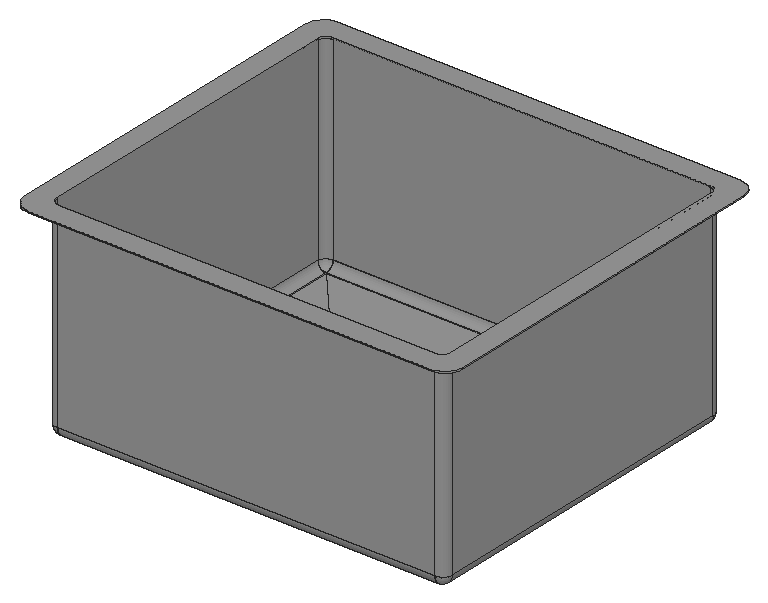
Revit family "BUILDMAT-SNGM003-Penny-510-Gunmetal", category Plumbing Fixtures, host Face, Revit 2020
Family settings
  Host = Face
  Round Connector Dimension = Use Diameter
  Part Type = Normal
  Cut with Voids When Loaded = No
  Shared = No
  Room Calculation Point = No
Parameters (values of type "Penny 510x450x250mm")
  Width = 460.0 mm
  Undermount [instance] = 0.0 mm
  URL = "https://www.buildmat.com.au/products/510x450x250-single-bowl-sink"
  Side Sound Pad = no
  Side Brackets = yes
  Model = "SN101003"  # constant formula
  Middle Sound Pad = yes
  Middle Bracket = no
  Manufacturer URL = "https://www.buildmat.com.au/"
  Manufacturer = "BUILDMAT"  # constant formula
  Length = 400.0 mm
  Description = "BUILDMAT - Penny 510x450 Single Bowl Sink"  # constant formula
  Depth = 250.0 mm
  Default Elevation = 1219.2 mm
  Created By URL = "https://www.buildmat.com.au/"
  Created By = "BUILDMAT"  # constant formula
  Created = "22.06.2022"  # constant formula
  Material = BUILDMAT Gunmetal
Reference planes
  plane 1 "Center (Front/Back)": y = 0
  plane 2: z = 0
  plane 3 "Center (Left/Right)": x = 0
  plane 4 "Top Substrate": z = 0
  plane 5 "Left": x = -230
  plane 6 "Right": x = 230
  plane 7 "Back": y = 200
  plane 8 "Front": y = -200
  plane 9: x = -255
  plane 10: x = 255
  plane 11: y = -225
  plane 12: y = 225
  plane 13 "Bottom Void": z = -250
  plane 14: z = 1.5
  plane 15: x = -231.5
  plane 16: y = -201.5
  plane 17: x = 231.5
  plane 18: y = 201.5
  plane 19: z = -240
  plane 20: z = -230
  plane 21: x = -220
  plane 22: x = 220
  plane 23: y = -190
  plane 24: y = 190
  plane 25: z = -245
  plane 26: z = -241.5
  plane 27: z = -246.5
  plane 28: x = -100
  plane 29: x = 100
  plane 30 "Sound Pad": z = -130
  plane 31 "Front Bracket": y = -100
  plane 32 "Back Bracket": y = 100
  plane 33: x = -130
  plane 34: x = 130
  plane 35: x = -57
  plane 36: x = 57
  plane 37: x = -45
  plane 38: x = 45
Forms (mm)
  Extrusion 1, void
    sketch origin (0, 0, 0) x (1, 0, 0) y (0, 1, 0)
      loop
        arc (-220, 200) -> (-227.071, 197.071) -> (-230, 190) r 10
        line (-230, 190) -> (-230, -190)
        arc (-230, -190) -> (-227.071, -197.071) -> (-220, -200) r 10
        line (-220, -200) -> (220, -200)
        arc (220, -200) -> (227.071, -197.071) -> (230, -190) r 10
        line (230, -190) -> (230, 190)
        arc (230, 190) -> (227.071, 197.071) -> (220, 200) r 10
        line (220, 200) -> (-220, 200)
    from 0 to 1.5
  Extrusion 2, void
    sketch origin (0, 0, 0) x (1, 0, 0) y (0, 1, 0)
      loop
        line (-231.5, 201.5) -> (-231.5, -201.5) -> (231.5, -201.5) -> (231.5, 201.5) -> (-231.5, 201.5)
    from 0 to -250
  Extrusion 3, void
    sketch origin (0, 0, 0) x (1, 0, 0) y (0, 1, 0)
      loop
        arc (-235, 225) -> (-249.142, 219.142) -> (-255, 205) r 20
        line (-255, 205) -> (-255, -205)
        arc (-255, -205) -> (-249.142, -219.142) -> (-235, -225) r 20
        line (-235, -225) -> (235, -225)
        arc (235, -225) -> (249.142, -219.142) -> (255, -205) r 20
        line (255, -205) -> (255, 205)
        arc (255, 205) -> (249.142, 219.142) -> (235, 225) r 20
        line (235, 225) -> (-235, 225)
    from 1.5 to 0
  Extrusion 4, solid, material "BUILDMAT Gunmetal" <- "Material"
    sketch origin (0, 0, 0) x (-1, 0, 0) y (0, -1, 0)
      loop
        arc (235, -225) -> (249.142, -219.142) -> (255, -205) r 20
        line (255, -205) -> (255, 205)
        arc (255, 205) -> (249.142, 219.142) -> (235, 225) r 20
        line (235, 225) -> (-235, 225)
        arc (-235, 225) -> (-249.142, 219.142) -> (-255, 205) r 20
        line (-255, 205) -> (-255, -205)
        arc (-255, -205) -> (-249.142, -219.142) -> (-235, -225) r 20
        line (-235, -225) -> (235, -225)
      loop
        arc (220, -200) -> (227.071, -197.071) -> (230, -190) r 10
        line (230, -190) -> (230, 190)
        arc (230, 190) -> (227.071, 197.071) -> (220, 200) r 10
        line (220, 200) -> (-220, 200)
        arc (-220, 200) -> (-227.071, 197.071) -> (-230, 190) r 10
        line (-230, 190) -> (-230, -190)
        arc (-230, -190) -> (-227.071, -197.071) -> (-220, -200) r 10
        line (-220, -200) -> (220, -200)
    from 0 to 1.5
  Extrusion 5, solid, material "BUILDMAT Gunmetal" <- "Material"
    sketch origin (0, 0, 0) x (-1, 0, 0) y (0, -1, 0)
      loop
        arc (220, -201.5) -> (228.132, -198.132) -> (231.5, -190) r 11.5
        line (231.5, -190) -> (231.5, 190)
        arc (231.5, 190) -> (228.132, 198.132) -> (220, 201.5) r 11.5
        line (220, 201.5) -> (-220, 201.5)
        arc (-220, 201.5) -> (-228.132, 198.132) -> (-231.5, 190) r 11.5
        line (-231.5, 190) -> (-231.5, -190)
        arc (-231.5, -190) -> (-228.132, -198.132) -> (-220, -201.5) r 11.5
        line (-220, -201.5) -> (220, -201.5)
      loop
        arc (-220, 200) -> (-227.071, 197.071) -> (-230, 190) r 10
        line (-230, 190) -> (-230, -190)
        arc (-230, -190) -> (-227.071, -197.071) -> (-220, -200) r 10
        line (-220, -200) -> (220, -200)
        arc (220, -200) -> (227.071, -197.071) -> (230, -190) r 10
        line (230, -190) -> (230, 190)
        arc (230, 190) -> (227.071, 197.071) -> (220, 200) r 10
        line (220, 200) -> (-220, 200)
    from 0 to -230
  Revolve 6, solid, material "BUILDMAT Gunmetal" <- "Material"
    sketch origin (-175.162, 190, 1219.2) x (-1, 0, 0) y (0, 0, 1)
      loop
        line (-405.162, -1449.2) -> (-406.662, -1449.2)
        arc (-406.662, -1449.2) -> (-403.293, -1457.332) -> (-395.162, -1460.7) r 11.5
        line (-395.162, -1460.7) -> (-395.162, -1459.2)
        arc (-395.162, -1459.2) -> (-402.233, -1456.271) -> (-405.162, -1449.2) r 10
      axis (-395.162, -1460.7) -> (-395.162, -1449.2)
    angle from 0 to -90
  Revolve 7, solid, material "BUILDMAT Gunmetal" <- "Material"
    sketch origin (-175.162, 190, 1219.2) x (-1, 0, 0) y (0, 0, 1)
      loop
        arc (54.838, -1449.2) -> (51.909, -1456.271) -> (44.838, -1459.2) r 10
        line (44.838, -1459.2) -> (44.838, -1460.7)
        arc (44.838, -1460.7) -> (52.97, -1457.332) -> (56.338, -1449.2) r 11.5
        line (56.338, -1449.2) -> (54.838, -1449.2)
      axis (44.838, -1449.2) -> (44.838, -1460.7)
    angle from 0 to -90
  Revolve 8, solid, material "BUILDMAT Gunmetal" <- "Material"
    sketch origin (-175.162, -190, 1219.2) x (-1, 0, 0) y (0, 0, 1)
      loop
        arc (54.838, -1449.2) -> (51.909, -1456.271) -> (44.838, -1459.2) r 10
        line (44.838, -1459.2) -> (44.838, -1460.7)
        arc (44.838, -1460.7) -> (52.97, -1457.332) -> (56.338, -1449.2) r 11.5
        line (56.338, -1449.2) -> (54.838, -1449.2)
      axis (44.838, -1449.2) -> (44.838, -1460.7)
    angle from 0 to 90
  Revolve 9, solid, material "BUILDMAT Gunmetal" <- "Material"
    sketch origin (-175.162, -190, 1219.2) x (-1, 0, 0) y (0, 0, 1)
      loop
        line (-405.162, -1449.2) -> (-406.662, -1449.2)
        arc (-406.662, -1449.2) -> (-403.293, -1457.332) -> (-395.162, -1460.7) r 11.5
        line (-395.162, -1460.7) -> (-395.162, -1459.2)
        arc (-395.162, -1459.2) -> (-402.233, -1456.271) -> (-405.162, -1449.2) r 10
      axis (-395.162, -1449.2) -> (-395.162, -1460.7)
    angle from 0 to 90
  Extrusion 10, solid, material "BUILDMAT Gunmetal" <- "Material"
    sketch origin (0, 0, 0) x (1, 0, 0) y (0, 0, 1)
      loop
        line (-230, -230) -> (-231.5, -230)
        arc (-231.5, -230) -> (-228.132, -238.132) -> (-220, -241.5) r 11.5
        line (-220, -241.5) -> (-220, -240)
        arc (-220, -240) -> (-227.071, -237.071) -> (-230, -230) r 10
    from -190 to 190
  Extrusion 11, solid, material "BUILDMAT Gunmetal" <- "Material"
    sketch origin (0, 0, 0) x (1, 0, 0) y (0, 0, 1)
      loop
        arc (230, -230) -> (227.071, -237.071) -> (220, -240) r 10
        line (220, -240) -> (220, -241.5)
        arc (220, -241.5) -> (228.132, -238.132) -> (231.5, -230) r 11.5
        line (231.5, -230) -> (230, -230)
    from -190 to 190
  Extrusion 12, solid, material "BUILDMAT Gunmetal" <- "Material"
    sketch origin (0, 0, 0) x (0, 1, 0) y (0, 0, 1)
      loop
        arc (200, -230) -> (197.071, -237.071) -> (190, -240) r 10
        line (190, -240) -> (190, -241.5)
        arc (190, -241.5) -> (198.132, -238.132) -> (201.5, -230) r 11.5
        line (201.5, -230) -> (200, -230)
    from -220 to 220
  Extrusion 13, solid, material "BUILDMAT Gunmetal" <- "Material"
    sketch origin (0, 0, 0) x (0, 1, 0) y (0, 0, 1)
      loop
        line (-200, -230) -> (-201.5, -230)
        arc (-201.5, -230) -> (-198.132, -238.132) -> (-190, -241.5) r 11.5
        line (-190, -241.5) -> (-190, -240)
        arc (-190, -240) -> (-197.071, -237.071) -> (-200, -230) r 10
    from -220 to 220
  Revolve 14, solid, material "BUILDMAT Gunmetal" <- "Material"
    sketch origin (0, 0, 0) x (1, 0, 0) y (0, 0, 1)
      loop
        line (-45, -250) -> (-45, -248.5)
        spline (-45, -248.5) -> (-46.484, -248.459) -> (-47.939, -248.339) -> (-49.337, -248.141) -> (-50.649, -247.871) -> (-51.848, -247.537) -> (-52.908, -247.151) -> (-53.805, -246.726) -> (-54.514, -246.283) -> (-55.023, -245.856) -> (-55.329, -245.483) -> (-55.468, -245.202) -> (-55.5, -245)
        line (-55.5, -245) -> (-57, -245)
        spline (-57, -245) -> (-56.897, -245.653) -> (-56.591, -246.294) -> (-56.087, -246.913) -> (-55.392, -247.5) -> (-54.52, -248.044) -> (-53.485, -248.536) -> (-52.305, -248.967) -> (-51, -249.33) -> (-49.592, -249.619) -> (-48.106, -249.83) -> (-46.566, -249.957) -> (-45, -250)
      axis (0, -245) -> (0, -250)
    angle from 0 to 360
  Blend 15, solid, material "BUILDMAT Gunmetal" <- "Material"
    base sketch origin (0, 0, 0) x (-1, 0, 0) y (0, -1, 0)
      loop
        circle (0, 0) r 57
    top sketch origin (0, 0, 0) x (-1, 0, 0) y (0, -1, 0)
      loop
        line (220, -190) -> (220, 190) -> (-220, 190) -> (-220, -190) -> (220, -190)
    from -246.5 to -241.5
  Blend 16, void
    base sketch origin (0, 0, 0) x (-1, 0, 0) y (0, -1, 0)
      loop
        circle (0, 0) r 57
    top sketch origin (0, 0, 0) x (-1, 0, 0) y (0, -1, 0)
      loop
        line (220, -190) -> (220, 190) -> (-220, 190) -> (-220, -190) -> (220, -190)
    from -245 to -240
  Extrusion 17, solid, material "BUILDMAT Gunmetal" <- "Material"
    sketch origin (0, 0, 0) x (-1, 0, 0) y (0, -1, 0)
      loop
        line (220, -190) -> (220, 190) -> (-220, 190) -> (-220, -190) -> (220, -190)
    from -241.5 to -240
  Extrusion 18, void
    sketch origin (0, 0, 0) x (-1, 0, 0) y (0, -1, 0)
      loop
        circle (0, 0) r 57
    from -250 to -230
Cuts and joins
  joined: Extrusion 4, Extrusion 5
  joined: Revolve 6, Revolve 9
  joined: Revolve 7, Revolve 8
  Blend 16, Extrusion 18 cuts Blend 15
  Blend 16, Extrusion 18 cuts Extrusion 17
  joined: Blend 15, Extrusion 17
Lines and regions (mm)
  Masking region 1
    outline origin (0, 0, 0) x (1, 0, 0) y (0, 0, 1)
      loop
        line (230, 0) -> (-230, 0) -> (-230, -230)
        arc (-230, -230) -> (-227.071, -237.071) -> (-220, -240) r 10
        line (-220, -240) -> (-57, -245) -> (57, -245) -> (220, -240)
        arc (220, -240) -> (227.071, -237.071) -> (230, -230) r 10
        line (230, -230) -> (230, 0)
  Masking region 2
    outline origin (0, 0, 0) x (1, 0, 0) y (0, 0, 1)
      loop
        line (-100, -245.181) -> (-100, -250) -> (-57, -250) -> (-57, -246.5) -> (-100, -245.181)
  Masking region 3
    outline origin (0, 0, 0) x (1, 0, 0) y (0, 0, 1)
      loop
        line (57, -246.5) -> (57, -250) -> (100, -250) -> (100, -245.181) -> (57, -246.5)
Text (mm)
  text "Refer to www.buildmat.com.au for the most current product literature. \nAllow a +/- 5mm tolerance for dimensions shown in the product literature. \nPlease note product details are subject to change due to ongoing product development." at (0.056, -1035.857, 0), in view "Ref. Level"
Dimensions and locks
  "Undermount": plane 2 to plane 4 "Top Substrate"
  equal spacing: plane 5 "Left", plane 3 "Center (Left/Right)", plane 6 "Right"
  "Width": plane 5 "Left" to plane 6 "Right"
  "Length": plane 7 "Back" to plane 8 "Front"
  equal spacing: plane 7 "Back", plane 1 "Center (Front/Back)", plane 8 "Front"
  locked: plane 12 to plane 7 "Back" at 25
  locked: plane 8 "Front" to plane 11 at 25
  locked: plane 9 to plane 5 "Left" at 25
  locked: plane 6 "Right" to plane 10 at 25
  "Depth": plane 4 "Top Substrate" to plane 13 "Bottom Void"
  locked: plane 14 to plane 4 "Top Substrate" at 1.5
  locked: plane 18 to plane 7 "Back" at 1.5
  locked: plane 8 "Front" to plane 16 at 1.5
  plane 15 to plane 5 "Left" = 1.5 mm
  plane 6 "Right" to plane 17 = 1.5 mm
  plane 20 to plane 19 to plane 13 "Bottom Void" = 10.0 mm, 10.0 mm
  locked: plane 5 "Left" to plane 21 at 10
  locked: plane 22 to plane 6 "Right" at 10
  locked: plane 7 "Back" to plane 24 at 10
  locked: plane 23 to plane 8 "Front" at 10
  locked: plane 19 to plane 26 at 1.5
  locked: plane 25 to plane 13 "Bottom Void" at 5
  locked: plane 25 to plane 27 at 1.5
  plane 29 to plane 3 "Center (Left/Right)" to plane 28 = 100.0 mm locked, 100.0 mm locked
  locked: plane 30 "Sound Pad" to plane 13 "Bottom Void" at 120
  locked: plane 7 "Back" to plane 32 "Back Bracket" at 100
  locked: plane 31 "Front Bracket" to plane 8 "Front" at 100
  locked: plane 33 to plane 5 "Left" at 100
  locked: plane 6 "Right" to plane 34 at 100
  equal spacing: plane 3 "Center (Left/Right)", nested 15, plane 33
  equal spacing: plane 34, nested 16, plane 3 "Center (Left/Right)"
  plane 37 to plane 3 "Center (Left/Right)" to plane 38 = 45.0 mm locked, 45.0 mm locked
  plane 35 to plane 3 "Center (Left/Right)" to plane 36 = 57.0 mm locked, 57.0 mm locked
  aligned and locked: plane 2 to host face
  aligned and locked: level to host face
  aligned and locked: plane 8 "Front" to Extrusion 1 sketch curve
  aligned and locked: Extrusion 1 sketch curve to plane 7 "Back"
  aligned and locked: plane 5 "Left" to Extrusion 1 sketch curve
  aligned and locked: Extrusion 1 sketch curve to plane 6 "Right"
  aligned and locked: plane 2 to Extrusion 1
  aligned and locked: plane 14 to Extrusion 1
  aligned and locked: Extrusion 2 sketch curve to plane 16
  aligned and locked: Extrusion 2 sketch curve to plane 18
  aligned and locked: plane 15 to Extrusion 2 sketch curve
  aligned and locked: plane 17 to Extrusion 2 sketch curve
  aligned and locked: Extrusion 2 to plane 13 "Bottom Void"
  aligned and locked: plane 4 "Top Substrate" to Extrusion 2
  aligned and locked: plane 11 to Extrusion 3 sketch curve
  aligned and locked: plane 9 to Extrusion 3 sketch curve
  aligned and locked: Extrusion 3 sketch curve to plane 10
  aligned and locked: Extrusion 3 sketch curve to plane 12
  aligned and locked: Extrusion 3 to plane 4 "Top Substrate"
  aligned and locked: Extrusion 3 to plane 14
  aligned and locked: plane 11 to Extrusion 4 sketch curve
  aligned and locked: Extrusion 4 sketch curve to plane 12
  aligned and locked: plane 9 to Extrusion 4 sketch curve
  aligned and locked: Extrusion 4 sketch curve to plane 10
  aligned and locked: plane 5 "Left" to Extrusion 4 sketch curve
  aligned and locked: Extrusion 4 sketch curve to plane 6 "Right"
  aligned and locked: Extrusion 4 sketch curve to plane 7 "Back"
  aligned and locked: plane 8 "Front" to Extrusion 4 sketch curve
  aligned and locked: Extrusion 5 sketch curve to plane 7 "Back"
  aligned and locked: plane 5 "Left" to Extrusion 5 sketch curve
  aligned and locked: Extrusion 5 sketch curve to plane 6 "Right"
  aligned and locked: plane 8 "Front" to Extrusion 5 sketch curve
  aligned and locked: plane 15 to Extrusion 5 sketch curve
  aligned and locked: Extrusion 5 sketch curve to plane 16
  aligned and locked: plane 17 to Extrusion 5 sketch curve
  aligned and locked: Extrusion 5 sketch curve to plane 18
  aligned and locked: Extrusion 5 to plane 20
  aligned and locked: plane 4 "Top Substrate" to Extrusion 5
  aligned and locked: Extrusion 11 to plane 23
  aligned and locked: plane 24 to Extrusion 11
  aligned and locked: plane 24 to Extrusion 10
  aligned and locked: Extrusion 10 to plane 23
  aligned and locked: Extrusion 13 to plane 21
  aligned and locked: plane 22 to Extrusion 13
  aligned and locked: plane 22 to Extrusion 12
  aligned and locked: Extrusion 12 to plane 21
  aligned and locked: plane 21 to Blend 15 sketch curve
  aligned and locked: Blend 15 sketch curve to plane 22
  aligned and locked: Blend 15 sketch curve to plane 23
  aligned and locked: Blend 15 sketch curve to plane 24
  aligned and locked: plane 27 to Blend 15
  aligned and locked: Blend 15 to plane 26
  aligned and locked: Blend 16 sketch curve to plane 24
  aligned and locked: plane 21 to Blend 16 sketch curve
  aligned and locked: Blend 16 sketch curve to plane 22
  aligned and locked: Blend 16 sketch curve to plane 23
  aligned and locked: Blend 16 to plane 25
  aligned and locked: Blend 16 to plane 19
  aligned and locked: Extrusion 17 sketch curve to plane 24
  aligned and locked: Extrusion 17 sketch curve to plane 23
  aligned and locked: plane 21 to Extrusion 17 sketch curve
  aligned and locked: Extrusion 17 sketch curve to plane 22
  aligned and locked: Extrusion 17 to plane 26
  aligned and locked: Extrusion 17 to plane 19
  aligned and locked: Extrusion 18 to plane 13 "Bottom Void"
  aligned and locked: plane 20 to Extrusion 18
  aligned and locked: cut or joined group of Blend 15, Blend 16, Extrusion 17, Extrusion 18 to Masking region 2 sketch curve
  aligned and locked: Masking region 3 sketch curve to cut or joined group of Blend 15, Blend 16, Extrusion 17, Extrusion 18
  aligned and locked: plane 3 "Center (Left/Right)" to nested 1
  aligned and locked: nested 1 to plane 4 "Top Substrate"
  aligned and locked: plane 3 "Center (Left/Right)" to nested 2
  aligned and locked: nested 2 to plane 30 "Sound Pad"
  aligned and locked: nested 3 to plane 18
  aligned and locked: plane 3 "Center (Left/Right)" to nested 3
  aligned and locked: plane 16 to nested 4
  aligned and locked: nested 4 to plane 3 "Center (Left/Right)"
  aligned and locked: plane 31 "Front Bracket" to nested 6
  aligned and locked: plane 15 to nested 6
  aligned and locked: plane 31 "Front Bracket" to nested 8
  aligned and locked: plane 17 to nested 8
  aligned and locked: plane 32 "Back Bracket" to nested 7
  aligned and locked: plane 17 to nested 7
  aligned and locked: plane 32 "Back Bracket" to nested 5
  aligned and locked: plane 15 to nested 5
  aligned and locked: nested 9 to plane 4 "Top Substrate"
  aligned and locked: nested 9 to plane 33
  aligned and locked: nested 10 to plane 4 "Top Substrate"
  aligned and locked: nested 10 to plane 34
  aligned and locked: nested 13 to plane 33
  aligned and locked: nested 14 to plane 34
  aligned and locked: plane 16 to nested 13
  aligned and locked: nested 14 to plane 16
  aligned and locked: plane 33 to nested 11
  aligned and locked: nested 11 to plane 18
  aligned and locked: plane 34 to nested 12
  aligned and locked: nested 12 to plane 18
  aligned and locked: nested 15 to plane 30 "Sound Pad"
  aligned and locked: nested 16 to plane 30 "Sound Pad"
  aligned and locked: nested 17 to plane 23
  aligned and locked: nested 17 to plane 24
  aligned and locked: plane 22 to nested 17
  aligned and locked: plane 21 to nested 17
  aligned and locked: plane 3 "Center (Left/Right)" to nested 18
  aligned and locked: plane 1 "Center (Front/Back)" to nested 18
  aligned and locked: plane 4 "Top Substrate" to Masking region 1
Automatic sketch dimensions
  host sketch curve to host sketch curve = 2438.4 mm  (x2)
  plane 5 "Left" to Extrusion 1 sketch curve = 10.0 mm  (x2)
  Extrusion 1 sketch curve to plane 6 "Right" = 10.0 mm  (x2)
  Extrusion 4 sketch curve to plane 10 = 20.0 mm  (x2)
  Extrusion 4 sketch curve to Extrusion 4 sketch curve = 10.0 mm  (x2)
  plane 5 "Left" to Extrusion 4 sketch curve = 10.0 mm
  plane 9 to Extrusion 4 sketch curve = 20.0 mm
  plane 8 "Front" to Extrusion 4 sketch curve = 10.0 mm
  plane 11 to Extrusion 4 sketch curve = 20.0 mm
  Extrusion 3 sketch curve to plane 5 "Left" = 5.0 mm
  plane 6 "Right" to Extrusion 3 sketch curve = 5.0 mm  (x2)
  plane 7 "Back" to Extrusion 3 sketch curve = 5.0 mm
  plane 5 "Left" to Extrusion 5 sketch curve = 10.0 mm
  Extrusion 5 sketch curve to plane 6 "Right" = 10.0 mm
  plane 8 "Front" to Extrusion 5 sketch curve = 10.0 mm
  Extrusion 5 sketch curve to plane 7 "Back" = 10.0 mm
  Extrusion 5 sketch curve to Extrusion 5 sketch curve = 0.0 mm  (x4)
  Revolve 6 sketch curve to Revolve 6 sketch curve = 0.0 mm  (x3)
  plane 17 to Revolve 6 sketch curve = 0.0 mm
  Revolve 6 sketch curve to plane 6 "Right" = 0.0 mm
  Revolve 6 sketch curve to plane 22 = 0.0 mm  (x2)
  Revolve 6 sketch curve to plane 19 = 0.0 mm
  Revolve 6 sketch curve to plane 20 = 0.0 mm
  Revolve 7 sketch curve to Revolve 7 sketch curve = 0.0 mm  (x3)
  Revolve 7 sketch curve to plane 20 = 0.0 mm  (x2)
  Revolve 7 sketch curve to plane 21 = 0.0 mm  (x2)
  Revolve 7 sketch curve to plane 5 "Left" = 0.0 mm
  Revolve 7 sketch curve to plane 15 = 0.0 mm
  Revolve 8 sketch curve to Revolve 8 sketch curve = 0.0 mm  (x3)
  Revolve 8 sketch curve to plane 20 = 0.0 mm  (x2)
  Revolve 8 sketch curve to plane 21 = 0.0 mm  (x2)
  Revolve 8 sketch curve to plane 5 "Left" = 0.0 mm
  Revolve 8 sketch curve to plane 15 = 0.0 mm
  Revolve 9 sketch curve to Revolve 9 sketch curve = 0.0 mm  (x3)
  plane 17 to Revolve 9 sketch curve = 0.0 mm
  Revolve 9 sketch curve to plane 6 "Right" = 0.0 mm
  Revolve 9 sketch curve to plane 22 = 0.0 mm  (x2)
  Revolve 9 sketch curve to plane 20 = 0.0 mm
  Revolve 9 sketch curve to plane 19 = 0.0 mm
  Extrusion 10 sketch curve to plane 15 = 0.0 mm
  Extrusion 10 sketch curve to plane 5 "Left" = 0.0 mm
  Extrusion 10 sketch curve to plane 19 = 0.0 mm
  Extrusion 10 sketch curve to plane 21 = 0.0 mm
  Extrusion 11 sketch curve to plane 20 = 0.0 mm
  Extrusion 11 sketch curve to plane 22 = 0.0 mm
  Extrusion 11 sketch curve to plane 6 "Right" = 0.0 mm
  plane 17 to Extrusion 11 sketch curve = 0.0 mm
  Extrusion 12 sketch curve to plane 20 = 0.0 mm
  Extrusion 12 sketch curve to plane 24 = 0.0 mm
  Extrusion 12 sketch curve to plane 7 "Back" = 0.0 mm
  Extrusion 12 sketch curve to plane 18 = 0.0 mm
  Extrusion 13 sketch curve to plane 16 = 0.0 mm
  Extrusion 13 sketch curve to plane 8 "Front" = 0.0 mm
  Extrusion 13 sketch curve to plane 23 = 0.0 mm
  Extrusion 13 sketch curve to plane 19 = 0.0 mm
  Revolve 14 sketch curve to plane 25 = 0.0 mm
  Revolve 14 sketch curve to plane 13 "Bottom Void" = 0.0 mm  (x2)
  Revolve 14 sketch curve to plane 3 "Center (Left/Right)" = 0.0 mm
  Revolve 14 sketch curve to plane 20 = 0.0 mm
  Revolve 14 sketch curve to plane 3 "Center (Left/Right)" = 45.0 mm
  Revolve 14 sketch curve to Revolve 14 sketch curve = 10.5 mm
  Revolve 14 sketch curve to Revolve 14 sketch curve = 1.5 mm  (x2)
  Revolve 14 sketch curve to Revolve 14 sketch curve = 0.0 mm
  plane 1 "Center (Front/Back)" to Blend 15 sketch curve = 0.0 mm
  Blend 15 sketch curve to plane 3 "Center (Left/Right)" = 0.0 mm
  plane 1 "Center (Front/Back)" to Blend 16 sketch curve = 0.0 mm
  Blend 16 sketch curve to plane 3 "Center (Left/Right)" = 0.0 mm
  plane 1 "Center (Front/Back)" to Extrusion 18 sketch curve = 0.0 mm
  Extrusion 18 sketch curve to plane 3 "Center (Left/Right)" = 0.0 mm
  Masking region 1 sketch curve to level = 0.0 mm
  Masking region 1 sketch curve to plane 20 = 0.0 mm
  Masking region 1 sketch curve to plane 21 = 0.0 mm
  Masking region 1 sketch curve to plane 25 = 0.0 mm
  Masking region 1 sketch curve to plane 3 "Center (Left/Right)" = 57.0 mm
  plane 3 "Center (Left/Right)" to Masking region 1 sketch curve = 57.0 mm
  Masking region 1 sketch curve to plane 19 = 0.0 mm
  Masking region 1 sketch curve to plane 22 = 0.0 mm
  Masking region 1 sketch curve to plane 6 "Right" = 0.0 mm
  Masking region 1 sketch curve to plane 5 "Left" = 0.0 mm
  Masking region 2 sketch curve to plane 28 = 0.0 mm
  Masking region 2 sketch curve to plane 13 "Bottom Void" = 0.0 mm
  Masking region 2 sketch curve to plane 27 = 0.0 mm
  Masking region 3 sketch curve to plane 27 = 0.0 mm
  Masking region 3 sketch curve to plane 13 "Bottom Void" = 0.0 mm
  Masking region 3 sketch curve to plane 29 = 0.0 mm
  radius of Blend 15 sketch curve = 57.0 mm
  radius of Blend 16 sketch curve = 57.0 mm
  radius of Extrusion 18 sketch curve = 57.0 mm
Nested families
  nested 1: "TMB_Front" at (0, 0, 0) x (1, 0, 0) z (0, -1, 0), visible <- "Middle Bracket", type "TMB_Front"
  nested 2: "SP_Front" at (0, 0, -130) x (1, 0, 0) z (0, -1, 0), visible <- "Middle Sound Pad", type "SP_Front"
  nested 3: "TMB_Plan" at (0, 201.5, 0), visible <- "Middle Bracket", type "TMB_Plan"
  nested 4: "TMB_Plan" at (0, -201.5, 0) x (-1, 0, 0) z (0, 0, 1), visible <- "Middle Bracket", type "TMB_Plan"
  nested 5: "TMB_Plan" at (-231.5, 100, 0) x (0, 1, 0) z (0, 0, 1), type "TMB_Plan"
  nested 6: "TMB_Plan" at (-231.5, -100, 0) x (0, 1, 0) z (0, 0, 1), type "TMB_Plan"
  nested 7: "TMB_Plan" at (231.5, 100, 0) x (0, -1, 0) z (0, 0, 1), type "TMB_Plan"
  nested 8: "TMB_Plan" at (231.5, -100, 0) x (0, -1, 0) z (0, 0, 1), type "TMB_Plan"
  nested 9: "TMB_Front" at (-130, 0, 0) x (1, 0, 0) z (0, -1, 0), visible <- "Side Brackets", type "TMB_Front"
  nested 10: "TMB_Front" at (130, 0, 0) x (1, 0, 0) z (0, -1, 0), visible <- "Side Brackets", type "TMB_Front"
  nested 11: "TMB_Plan" at (-130, 201.5, 0), visible <- "Side Brackets", type "TMB_Plan"
  nested 12: "TMB_Plan" at (130, 201.5, 0), visible <- "Side Brackets", type "TMB_Plan"
  nested 13: "TMB_Plan" at (-130, -201.5, 0) x (-1, 0, 0) z (0, 0, 1), visible <- "Side Brackets", type "TMB_Plan"
  nested 14: "TMB_Plan" at (130, -201.5, 0) x (-1, 0, 0) z (0, 0, 1), visible <- "Side Brackets", type "TMB_Plan"
  nested 15: "SP_Front" at (-65, 0, -130) x (1, 0, 0) z (0, -1, 0), visible <- "Side Sound Pad", type "SP_Front"
  nested 16: "SP_Front" at (65, 0, -130) x (1, 0, 0) z (0, -1, 0), visible <- "Side Sound Pad", type "SP_Front"
  nested 17: "BOWL Plan" at (0, 0, -130), type "BOWL Plan"
    with Width 440.0 mm, Lenght 380.0 mm
  nested 18: "DRAIN" at (0, 0, 0), type "DRAIN"
Definition of nested family "TMB_Front"
  Reference planes
    plane 1 "Center (Elevation)": y = 0
    plane 2: z = 0
    plane 3 "Center (Left/Right)": x = 0
  Lines and regions (mm)
    Masking region 1, in view "Ref. Level"
      outline origin (0, 0, 0) x (1, 0, 0) y (0, 1, 0)
        loop
          line (-17.5, 0) -> (-17.5, -80) -> (17.5, -80) -> (17.5, 0) -> (-17.5, 0)
    detail lines, in view "Ref. Level"
      curve 1: line (-17.5, 0, 0) -> (-17.5, -80, 0)
      curve 2: line (-17.5, -80, 0) -> (17.5, -80, 0)
      curve 3: line (17.5, -80, 0) -> (17.5, 0, 0)
      curve 4: line (-12.5, -50, 0) -> (12.5, -50, 0)
      curve 5: line (-12.5, -75, 0) -> (-12.5, -50, 0)
      curve 6: line (12.5, -75, 0) -> (-12.5, -75, 0)
      curve 7: line (12.5, -50, 0) -> (12.5, -75, 0)
Definition of nested family "SP_Front"
  Reference planes
    plane 1 "Center (Elevation)": y = 0
    plane 2: z = 0
    plane 3 "Center (Left/Right)": x = 0
  Lines and regions (mm)
    Masking region 1, in view "Ref. Level"
      outline origin (0, 0, 0) x (1, 0, 0) y (0, 1, 0)
        loop
          arc (-50, 40) -> (-57.071, 37.071) -> (-60, 30) r 10
          line (-60, 30) -> (-60, -30)
          arc (-60, -30) -> (-57.071, -37.071) -> (-50, -40) r 10
          line (-50, -40) -> (50, -40)
          arc (50, -40) -> (57.071, -37.071) -> (60, -30) r 10
          line (60, -30) -> (60, 30)
          arc (60, 30) -> (57.071, 37.071) -> (50, 40) r 10
          line (50, 40) -> (-50, 40)
    detail lines, in view "Ref. Level"
      curve 1: line (-50, 40, 0) -> (50, 40, 0)
      curve 2: line (50, -40, 0) -> (-50, -40, 0)
      curve 3: line (60, 30, 0) -> (60, -30, 0)
      curve 4: line (-60, 30, 0) -> (-60, -30, 0)
      curve 5: arc (-50, 40, 0) -> (-57.071, 37.071, 0) -> (-60, 30, 0) r 10
      curve 6: arc (-60, -30, 0) -> (-57.071, -37.071, 0) -> (-50, -40, 0) r 10
      curve 7: arc (50, -40, 0) -> (57.071, -37.071, 0) -> (60, -30, 0) r 10
      curve 8: arc (60, 30, 0) -> (57.071, 37.071, 0) -> (50, 40, 0) r 10
  Dimensions and locks
    aligned and locked: Masking region 1 sketch curve to curve 1
    aligned and locked: Masking region 1 sketch curve to curve 4
    aligned and locked: Masking region 1 sketch curve to curve 2
    aligned and locked: Masking region 1 sketch curve to curve 3
Definition of nested family "TMB_Plan"
  Reference planes
    plane 1 "Center (Front/Back)": y = 0
    plane 2: z = 0
    plane 3 "Center (Left/Right)": x = 0
  Lines and regions (mm)
    detail lines, in view "Ref. Level"
      curve 1: line (-17.5, 0, 0) -> (17.5, 0, 0)
      curve 2: line (17.5, 0, 0) -> (17.5, 5, 0)
      curve 3: line (17.5, 5, 0) -> (12.5, 5, 0)
      curve 4: line (-17.5, 0, 0) -> (-17.5, 5, 0)
      curve 5: line (-17.5, 5, 0) -> (-12.5, 5, 0)
Definition of nested family "BOWL Plan"
  Parameters (values of type "BOWL Plan")
    Width [instance] = 600.0 mm
    Lenght [instance] = 400.0 mm
  Reference planes
    plane 1 "Center (Front/Back)": y = 0
    plane 2: z = 0
    plane 3 "Center (Left/Right)": x = 0
    plane 4 "Left": x = -300
    plane 5 "Right": x = 300
    plane 6 "Back": y = 200
    plane 7 "Front": y = -200
  Lines and regions (mm)
    Masking region 1, in view "Ref. Level"
      outline origin (0, 0, 0) x (1, 0, 0) y (0, 1, 0)
        loop
          line (-300, 200) -> (-300, -200) -> (300, -200) -> (300, 200) -> (-300, 200)
    detail lines, in view "Ref. Level"
      curve 1: line (-300, 200, 0) -> (300, -200, 0)
      curve 2: line (-300, -200, 0) -> (300, 200, 0)
  Dimensions and locks
    equal spacing: plane 6 "Back", plane 1 "Center (Front/Back)", plane 7 "Front"
    "Lenght": plane 6 "Back" to plane 7 "Front"
    equal spacing: plane 4 "Left", plane 3 "Center (Left/Right)", plane 5 "Right"
    "Width": plane 4 "Left" to plane 5 "Right"
    aligned and locked: plane 4 "Left" to Masking region 1 sketch curve
    aligned and locked: Masking region 1 sketch curve to plane 5 "Right"
    aligned and locked: plane 7 "Front" to Masking region 1 sketch curve
    aligned and locked: Masking region 1 sketch curve to plane 6 "Back"
  Automatic sketch dimensions
    curve 2 to plane 4 "Left" = 0.0 mm
    curve 1 to plane 4 "Left" = 0.0 mm
    curve 2 to plane 5 "Right" = 0.0 mm
    curve 1 to plane 5 "Right" = 0.0 mm
    curve 1 to plane 7 "Front" = 0.0 mm
    curve 2 to plane 7 "Front" = 0.0 mm
    curve 2 to plane 6 "Back" = 0.0 mm
    curve 1 to plane 6 "Back" = 0.0 mm
Definition of nested family "DRAIN"
  Reference planes
    plane 1 "Center (Front/Back)": y = 0
    plane 2: z = 0
    plane 3 "Center (Left/Right)": x = 0
  Lines and regions (mm)
    Masking region 1, in view "Ref. Level"
      outline origin (0, 0, 0) x (1, 0, 0) y (0, 1, 0)
        loop
          circle (0, 0) r 57
    detail lines, in view "Ref. Level"
      curve 1: circle (0, 0, 0) r 45 normal (0, 0, 1)
      curve 2: circle (0, 0, 0) r 55.5 normal (0, 0, 1)
